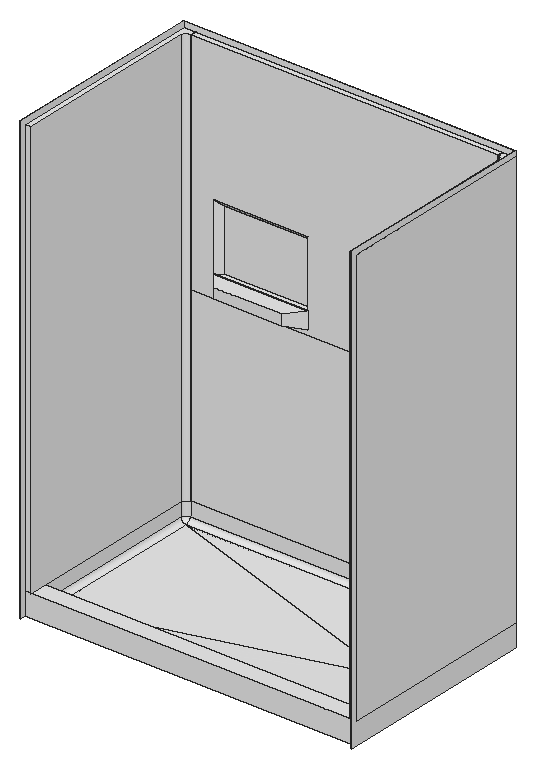
Revit family "5LRS6036SQ.V2 L-R", category Plumbing Fixtures, Revit 2019
Family settings
  Round Connector Dimension = Use Diameter
  Part Type = Normal
  OmniClass Number = 23.45.05.14.17
  OmniClass Title = Showers
  Work Plane-Based = No
  Always vertical = Yes
  Cut with Voids When Loaded = No
  Shared = No
  Room Calculation Point = No
Parameters (values of type "5LRS6030SQ.V2 L/R")
  Unit Width = 60"
  Unit Height = 80 1/2"
  Unit Depth = 37"
  URL = "http://www.bestbath.com/"
  Type Comments = "Remodeler"
  Model = "5LRS6030SQ.V2 L/R"
  Material [instance] = Best Bath Gelcoat Fiberglass - Smooth
  Manufacturer = "Best Bath Systems, Inc."
  Keynote = "22 40 00.B3"
  Description = "Real Tile Finish"
  Assembly Code = "D2010710"
Reference planes (in)
  plane 1 "Back": y = -0.5
  plane 2: z = 0
  plane 3 "Left": x = 0
  plane 4: x = 60
  plane 5: z = 4
  plane 6: x = 51.5
  plane 7: y = 35.5
  plane 8: y = 17.5
  plane 9: x = 1.25
  plane 10: x = 58.75
  plane 11: y = 34.25
  plane 12: z = 0.625
  plane 13: z = 0.25
  plane 14: y = -1.5
  plane 15: z = 5
  plane 16: z = 38.25
  plane 17: z = 42.25
  plane 18: z = 80.5
Forms (in)
  Extrusion 1, solid, material "Best Bath Gelcoat Fiberglass - Smooth"
    sketch origin (0, 0, 0) x (1, 0, 0) y (0, 1, 0)
      loop
        line (0, -0.5) -> (1.25, -0.5) -> (1.25, 33.25)
        arc (1.25, 33.25) -> (1.54289, 33.95711) -> (2.25, 34.25) r 1
        line (2.25, 34.25) -> (57.75, 34.25)
        arc (57.75, 34.25) -> (58.45711, 33.95711) -> (58.75, 33.25) r 1
        line (58.75, 33.25) -> (58.75, -0.5) -> (60, -0.5) -> (60, 35.5) -> (0, 35.5) -> (0, -0.5)
    from 0 to 4
  Extrusion 2, solid, material "Best Bath Gelcoat Fiberglass - Smooth"
    sketch origin (0, 0, 0) x (1, 0, 0) y (0, 1, 0)
      loop
        line (0, -0.5) -> (60, -0.5) -> (60, 35.5) -> (0, 35.5) -> (0, -0.5)
    from 0 to 0.625
  Sweep 3, solid, material "Best Bath Gelcoat Fiberglass - Smooth"
    path origin (0, 0, 0) x (1, 0, 0) y (0, 1, 0)
      loop
        line (58.75, -0.5) -> (58.75, 33.25)
        arc (58.75, 33.25) -> (58.45711, 33.95711) -> (57.75, 34.25) r 1
        line (57.75, 34.25) -> (2.25, 34.25)
        arc (2.25, 34.25) -> (1.54289, 33.95711) -> (1.25, 33.25) r 1
        line (1.25, 33.25) -> (1.25, -0.5)
    profile origin (1.25, 16.375, 0) x (1, 0, 0) y (0, 0, 1)
      loop
        line (0, 0.625) -> (0.9, 0.625)
        arc (0.9, 0.625) -> (0.2636, 0.8886) -> (0, 1.525) r 0.9
        line (0, 1.525) -> (0, 0.625)
  Blend 4, void
    base sketch origin (0, 0, 0) x (1, 0, 0) y (0, 1, 0)
      loop
        line (2.25, 3.5147) -> (57.75, 3.5147) -> (57.75, 33.25) -> (2.25, 33.25) -> (2.25, 3.5147)
    top sketch origin (0, 0, 0) x (1, 0, 0) y (0, 1, 0)
      loop
        circle (51.5, 17.5) r 0.10467
    from 0.625 to 0.25
  Sweep 5, solid, material "Best Bath Gelcoat Fiberglass - Smooth"
    path origin (0, 0, 0) x (1, 0, 0) y (0, 1, 0)
      loop
        line (1.25, -0.5) -> (58.75, -0.5)
    profile origin (30, -0.5, 0) x (0, 1, 0) y (0, 0, 1)
      loop
        line (0, 4) -> (0, 0) -> (4.11592, 0) -> (3.00305, 4) -> (0, 4)
  Extrusion 6, solid, material "Best Bath Gelcoat Fiberglass - Smooth"
    sketch origin (0, 0, 0) x (1, 0, 0) y (0, 1, 0)
      loop
        line (0, -1.5) -> (0.125, -1.5) -> (0.125, 35.375) -> (59.875, 35.375) -> (59.875, -1.5) -> (60, -1.5) -> (60, 35.5) -> (0, 35.5) -> (0, -1.5)
    from 5 to 80.5
  Extrusion 7, void
    sketch origin (0, 6, 0.625) x (0, 1, 0) y (1, 0, 0)
      loop
        line (15.5, 49) -> (15.5, 54) -> (7.5, 54) -> (7.5, 49) -> (15.5, 49)
    from 0 to 0.5
  Extrusion 8, void
    sketch origin (21.5, -4, 0.625) x (0, 1, 0) y (1, 0, 0)
      loop
        circle (21.5, 30) r 1.75
    from 0 to 1.25
  Extrusion 9, solid
    sketch origin (0.25, 2, 0.125) x (0, 1, 0) y (-1, 0, 0)
      loop
        line (19.5, -48.75) -> (11.5, -48.75) -> (11.5, -53.75) -> (19.5, -53.75) -> (19.5, -48.75)
    from 0 to 0.25
  Extrusion 10, solid, material "Best Bath Gelcoat Fiberglass - Smooth"
    sketch origin (0, -0.86165, 0) x (1, 0, 0) y (0, 1, 0)
      loop
        line (2.25, 36.36165) -> (2.25, 35.11165) -> (57.75, 35.11165) -> (57.75, 36.36165) -> (2.25, 36.36165)
    from 4 to 38.25
  Extrusion 11, solid, material "Best Bath Gelcoat Fiberglass - Smooth"
    sketch origin (0, -0.86165, 0) x (1, 0, 0) y (0, 1, 0)
      loop
        line (2.25, 36.36165) -> (2.25, 35.11165) -> (57.75, 35.11165) -> (57.75, 36.36165) -> (2.25, 36.36165)
    from 38.25 to 79.5
  Extrusion 12, solid, material "Best Bath Gelcoat Fiberglass - Smooth"
    sketch origin (0.25, -0.86165, 0) x (1, 0, 0) y (0, 1, 0)
      loop
        line (-0.25, 0.36165) -> (1, 0.36165) -> (1, 34.11165)
        arc (1, 34.11165) -> (1.29289, 34.81875) -> (2, 35.11165) r 1
        line (2, 35.11165) -> (2, 36.36165) -> (-0.25, 36.36165) -> (-0.25, 0.36165)
      loop
        line (59.75, 0.36165) -> (59.75, 36.36165) -> (57.5, 36.36165) -> (57.5, 35.11165)
        arc (57.5, 35.11165) -> (58.20711, 34.81875) -> (58.5, 34.11165) r 1
        line (58.5, 34.11165) -> (58.5, 0.36165) -> (59.75, 0.36165)
    from 4 to 79.5
  Extrusion 13, solid, material "Best Bath Gelcoat Fiberglass - Smooth"
    sketch origin (0, 0, 0) x (1, 0, 0) y (0, 1, 0)
      loop
        line (0, 35.5) -> (0, -1.5) -> (0.125, -1.5) -> (0.125, 35.375) -> (59.875, 35.375) -> (59.875, -1.5) -> (60, -1.5) -> (60, 35.5) -> (0, 35.5)
    from 0 to 5
  Blend 14, solid, material "Best Bath Gelcoat Fiberglass - Smooth"
    base sketch origin (-32.5625, -38.86165, -1.625) x (1, 0, 0) y (0, 0, 1)
      loop
        line (56, 43.875) -> (39, 43.875) -> (39, 40.875) -> (56, 40.875) -> (56, 43.875)
    top sketch origin (-32.5625, -38.86165, -1.625) x (1, 0, 0) y (0, 0, 1)
      loop
        line (41.375, 43.875) -> (41.375, 42) -> (53.625, 42) -> (53.625, 43.875) -> (41.375, 43.875)
    from -73.11165 to -70.11165
  Blend 15, void
    base sketch origin (-32.5625, -39.36165, -1.625) x (1, 0, 0) y (0, 0, 1)
      loop
        line (39, 43.875) -> (56, 43.875) -> (56, 55.875) -> (39, 55.875) -> (39, 43.875)
    top sketch origin (-32.5625, -39.36165, -1.625) x (1, 0, 0) y (0, 0, 1)
      loop
        line (40, 43.875) -> (55, 43.875) -> (55, 54.875) -> (40, 54.875) -> (40, 43.875)
    from -73.61165 to -74.61165
  Blend 16, solid, material "Best Bath Gelcoat Fiberglass - Smooth"
    base sketch origin (92.5625, -38.86165, -1.625) x (-1, 0, 0) y (0, 0, -1)
      loop
        line (56, -43.875) -> (56, -40.875) -> (39, -40.875) -> (39, -43.875) -> (56, -43.875)
    top sketch origin (92.5625, -38.86165, -1.625) x (-1, 0, 0) y (0, 0, -1)
      loop
        line (41.375, -43.875) -> (53.625, -43.875) -> (53.625, -42) -> (41.375, -42) -> (41.375, -43.875)
    from -73.11165 to -70.11165
  Blend 17, void
    base sketch origin (92.5625, -39.36165, -1.625) x (-1, 0, 0) y (0, 0, -1)
      loop
        line (39, -43.875) -> (39, -55.875) -> (56, -55.875) -> (56, -43.875) -> (39, -43.875)
    top sketch origin (92.5625, -39.36165, -1.625) x (-1, 0, 0) y (0, 0, -1)
      loop
        line (40, -43.875) -> (40, -54.875) -> (55, -54.875) -> (55, -43.875) -> (40, -43.875)
    from -73.61165 to -74.61165
Cuts and joins
  Blend 4, Extrusion 7, Extrusion 8 cuts Extrusion 1
  Blend 4, Extrusion 7, Extrusion 8 cuts Extrusion 2
  Blend 4, Extrusion 7, Extrusion 8 cuts Sweep 3
  Extrusion 7, Extrusion 8 cuts Sweep 5
  Extrusion 7, Extrusion 8 cuts Extrusion 6
  joined: Extrusion 1, Extrusion 2, Sweep 3, Sweep 5, Extrusion 6, Extrusion 13
  Blend 15, Blend 17 cuts Extrusion 11
Dimensions and locks (in)
  "Unit Width": plane 3 "Left" to plane 4
  locked: plane 7 to plane 11 at 1.25
  locked: plane 10 to plane 4 at 1.25
  locked: plane 3 "Left" to plane 9 at 1.25
  locked: plane 7 to plane 8 at 18
  locked: plane 12 to plane 13 at 0.375
  locked: plane 12 to level at 0.625
  locked: plane 14 to plane 1 "Back" at 1
  "Unit Depth": plane 7 to plane 14
  "Unit Height": plane 18 to level
  locked: plane 16 to plane 5 at 34.25
  locked: plane 17 to plane 5 at 38.25
  plane 6 to plane 4 = 8 1/2"
  locked: Blend 15 sketch curve to Blend 15 sketch curve at 17
  locked: var sketch to Blend 15 sketch curve at 1  (x3)
  Blend 15 sketch curve to Blend 14 = 11"
  locked: var sketch to Blend 14 sketch curve at 2.375
  locked: Blend 14 sketch curve to var sketch at 2.375
  locked: Blend 14 sketch curve to var sketch at 1.125
  locked: Blend 17 sketch curve to Blend 17 sketch curve at 17
  locked: Blend 17 sketch curve to var sketch at 1
  locked: var sketch to Blend 17 sketch curve at 1  (x2)
  Blend 16 to Blend 17 sketch curve = 11"
  locked: var sketch to Blend 16 sketch curve at 2.375
  locked: Blend 16 sketch curve to var sketch at 2.375
  locked: var sketch to Blend 16 sketch curve at 1.125
  aligned and locked: level to plane 2
  aligned and locked: Sweep 3 to plane 12
  aligned and locked: Sweep 3 sketch curve to plane 12
  aligned and locked: Extrusion 2 to plane 12
  aligned and locked: plane 8 to Blend 4 sketch curve
  aligned and locked: plane 6 to Blend 4 sketch curve
  aligned and locked: Extrusion 2 to Blend 4
  aligned and locked: Blend 4 to plane 13
  aligned and locked: plane 5 to Extrusion 1
  aligned and locked: plane 5 to Sweep 5
  aligned and locked: Extrusion 9 to cut or joined group 1 (Extrusion 1, Extrusion 2, Sweep 3, Blend 4, Sweep 5, Extrusion 6, Extrusion 7, Extrusion 8, Extrusion 13)  (x3)
  aligned and locked: cut or joined group 1 to Extrusion 9
  aligned and locked: Extrusion 11 to Extrusion 10
  aligned and locked: Extrusion 13 to Extrusion 6
  aligned and locked: plane 18 to Extrusion 6
  aligned and locked: Extrusion 10 to Extrusion 11
  aligned and locked: Extrusion 11 to cut or joined group 1
  aligned and locked: Extrusion 11 to plane 16
  aligned and locked: Blend 14 to cut or joined group of Extrusion 11, Blend 15, Blend 17
  aligned and locked: plane 17 to Blend 14
  aligned and locked: cut or joined group of Extrusion 11, Blend 15, Blend 17 to Blend 14
Automatic sketch dimensions
  Extrusion 1 sketch curve to plane 3 "Left" = 0"
  Extrusion 1 sketch curve to plane 9 = 0"
  Extrusion 1 sketch curve to plane 11 = 0"
  plane 1 "Back" to Extrusion 1 sketch curve = 0"  (x2)
  Extrusion 1 sketch curve to plane 10 = 0"
  Extrusion 1 sketch curve to plane 4 = 0"
  Extrusion 1 sketch curve to plane 7 = 0"
  plane 9 to Extrusion 1 sketch curve = 1"
  Extrusion 1 sketch curve to plane 10 = 1"
  Extrusion 2 sketch curve to plane 3 "Left" = 0"
  Extrusion 2 sketch curve to plane 4 = 0"
  plane 1 "Back" to Extrusion 2 sketch curve = 0"
  Extrusion 2 sketch curve to plane 7 = 0"
  plane 1 "Back" to Sweep 3 sketch curve = 0"  (x2)
  Sweep 3 sketch curve to plane 9 = 0"
  Sweep 3 sketch curve to plane 11 = 0"
  Sweep 3 sketch curve to plane 10 = 0"
  plane 9 to Sweep 3 sketch curve = 1"
  Sweep 3 sketch curve to Sweep 3 sketch curve = 1"
  profile plane to Sweep 3 sketch curve = 0"
  Sweep 3 sketch curve to profile plane = 0.9"
  plane 9 to Blend 4 sketch curve = 1"
  Blend 4 sketch curve to plane 10 = 1"
  Blend 4 sketch curve to plane 1 "Back" = 4.0147"
  Blend 4 sketch curve to plane 11 = 1"
  plane 1 "Back" to Sweep 5 sketch curve = 0"
  Sweep 5 sketch curve to plane 9 = 0"
  Sweep 5 sketch curve to plane 10 = 0"
  Sweep 5 sketch curve to level = 0"
  Sweep 5 sketch curve to profile plane = 0"
  Sweep 5 sketch curve to Sweep 5 sketch curve = 3.00305"
  Sweep 5 sketch curve to Sweep 5 sketch curve = 4.11592"
  level to Sweep 5 sketch curve = 4"
  Extrusion 6 sketch curve to plane 3 "Left" = 0"
  Extrusion 6 sketch curve to plane 14 = 0"  (x2)
  Extrusion 6 sketch curve to plane 4 = 0"
  Extrusion 6 sketch curve to plane 7 = 0"
  plane 3 "Left" to Extrusion 6 sketch curve = 1/8"
  plane 4 to Extrusion 6 sketch curve = 1/8"
  Extrusion 6 sketch curve to plane 7 = 1/8"
  Extrusion 7 sketch curve to Extrusion 2 = 14"
  Extrusion 7 sketch curve to Extrusion 7 sketch curve = 8"
  Extrusion 7 sketch curve to Extrusion 2 = 6"
  Extrusion 7 sketch curve to Extrusion 7 sketch curve = 5"
  Extrusion 8 sketch curve to Extrusion 2 = 8 1/2"
  Extrusion 8 sketch curve to Extrusion 2 = 18"
  Extrusion 9 sketch curve to Extrusion 7 = 0"  (x4)
  Extrusion 10 sketch curve to plane 11 = 0"
  Extrusion 10 sketch curve to plane 7 = 0"
  plane 9 to Extrusion 10 sketch curve = 1"
  Extrusion 10 sketch curve to plane 10 = 1"
  Extrusion 11 sketch curve to plane 11 = 0"
  Extrusion 11 sketch curve to plane 7 = 0"
  plane 9 to Extrusion 11 sketch curve = 1"
  Extrusion 11 sketch curve to plane 10 = 1"
  Extrusion 12 sketch curve to plane 3 "Left" = 0"
  plane 1 "Back" to Extrusion 12 sketch curve = 0"  (x2)
  Extrusion 12 sketch curve to plane 9 = 0"
  Extrusion 12 sketch curve to plane 11 = 0"  (x2)
  Extrusion 12 sketch curve to plane 7 = 0"  (x2)
  Extrusion 12 sketch curve to plane 10 = 0"
  Extrusion 12 sketch curve to plane 4 = 0"
  Extrusion 12 sketch curve to Extrusion 12 sketch curve = 1"
  Extrusion 12 sketch curve to plane 10 = 1"
  Extrusion 13 sketch curve to plane 3 "Left" = 0"
  Extrusion 13 sketch curve to plane 14 = 0"  (x2)
  Extrusion 13 sketch curve to plane 4 = 0"
  Extrusion 13 sketch curve to plane 7 = 0"
  plane 3 "Left" to Extrusion 13 sketch curve = 1/8"
  plane 4 to Extrusion 13 sketch curve = 1/8"
  Extrusion 13 sketch curve to plane 7 = 1/8"
  Blend 14 sketch curve to plane 17 = 0"  (x2)
  plane 9 to Blend 14 sketch curve = 5 3/16"
  plane 16 to Blend 14 sketch curve = 1"
  Blend 14 sketch curve to Blend 14 sketch curve = 17"
  Blend 15 sketch curve to plane 17 = 0"  (x2)
  plane 9 to Blend 15 sketch curve = 5 3/16"
  Blend 15 sketch curve to Blend 15 sketch curve = 12"
  Blend 16 sketch curve to plane 17 = 0"  (x2)
  Blend 16 sketch curve to plane 6 = 2 1/16"
  plane 16 to Blend 16 sketch curve = 1"
  plane 6 to Blend 16 sketch curve = 14 15/16"
  Blend 17 sketch curve to plane 17 = 0"  (x2)
  Blend 17 sketch curve to plane 6 = 2 1/16"
  Blend 17 sketch curve to Blend 17 sketch curve = 12"
  radius of Blend 4 sketch curve = 0.10467"
  radius of Extrusion 8 sketch curve = 1 3/4"
